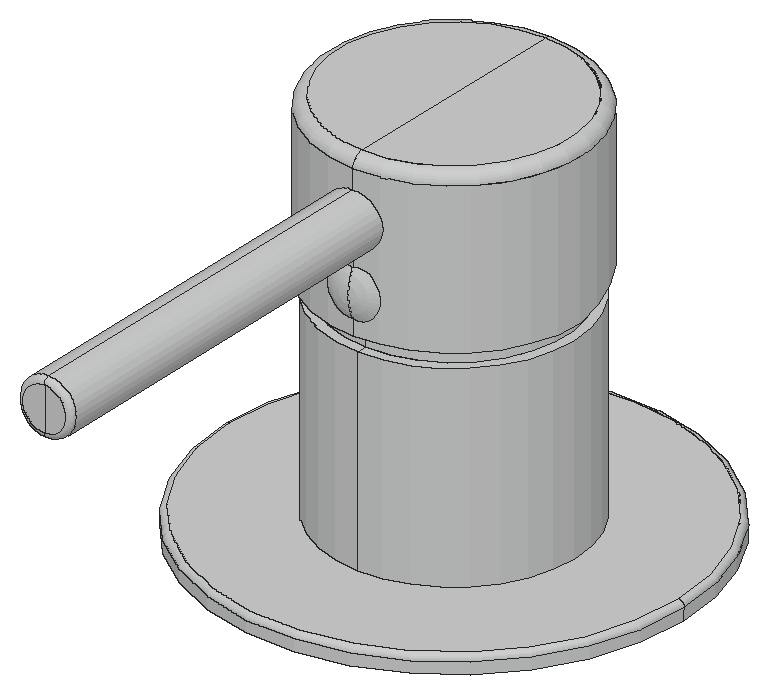
Revit family "MixerTap_BathShower_Abey_LuciaBuilders_FaceBased", category Plumbing Fixtures, host Face, Revit 2022
Family settings
  Host = Face
  Round Connector Dimension = Use Diameter
  Part Type = Normal
  OmniClass Number = 23.31.11.19
  OmniClass Title = Faucet Mixing Valves
  Cut with Voids When Loaded = Yes
  Maintain Annotation Orientation = No
  Shared = No
  Room Calculation Point = No
Parameters (values of type "Chrome (4SH-EXT-LF)")
  Waste Connection = no
  Vent Connection = no
  Uniclass2015Version = "Products v1.38"
  Uniclass2015Title = "Mixer taps"
  Uniclass2015Code = "Pr_40_20_87_55"
  URL = "https://www.abey.com.au/"
  Type Comments = "Mixer Tap - Bath Shower - Chrome"
  ModifiedIssue = 20251103
  Model = "4SH-EXT-LF"
  Material = Metal_Abey_Chrome
  ManufacturerURLProductSpecific = "https://www.abeyspecifier.com.au/product/lucia-builders-bath-shower-mixer-external-only/"
  ManufacturerSpecCode = Model  # "4SH-EXT-LF"
  ManufacturerOverallWidth = 80 mm  # constant formula
  ManufacturerOverallHeight = 129 mm  # constant formula
  ManufacturerOverallDepth = 68 mm  # constant formula
  Manufacturer = "Abey"
  Keynote = ""
  IfcExportType = "FAUCET"
  IfcExportAs = "IfcValve"
  HW Connection = yes
  Description = "Lucia Builders Bath/Shower Mixer Chrome"
  Default Elevation = 1050 mm
  CreatedByURL = "https://igsgroup.com.au"
  CreatedBy = "IGS BIM Solutions"  # constant formula
  Cost = 0
  CW Connection = yes
  Assembly Code = "C1030210"
Types (3, lengths in mm): name | Type Comments | Model | Material | ManufacturerURLProductSpecific | ManufacturerSpecCode | Description
  Chrome (4SH-EXT-LF) | "Mixer Tap - Bath Shower - Chrome" | "4SH-EXT-LF" | Metal_Abey_Chrome | "https://www.abeyspecifier.com.au/product/lucia-builders-bath-shower-mixer-external-only/" | "4SH-EXT-LF" | "Lucia Builders Bath/Shower Mixer Chrome"
  Brushed Nickel (4SH-EXT-BN-LF) | "Mixer Tap - Bath Shower - Brushed Nickel" | "4SH-EXT-BN-LF" | Metal_Abey_BrushedNickel | "https://www.abeyspecifier.com.au/product/lucia-builders-bath-shower-mixer-external-only-3/" | "4SH-EXT-BN-LF" | "Lucia Builders Bath/Shower Mixer Brushed Nickel"
  Black (4SH-EXT-B-LF) | "Mixer Tap - Bath Shower - Black" | "4SH-EXT-B-LF" | Metal_Abey_Black | "https://www.abeyspecifier.com.au/product/lucia-builders-bath-shower-mixer-external-only-2/" | "4SH-EXT-B-LF" | "Lucia Builders Bath/Shower Mixer Black"
Reference planes
  plane 1 "Top": y = 31.5
  plane 2 "WallFace": z = 0
  plane 3 "Center (Left/Right)": x = -97.18
  plane 4 "Bottom": y = -97.5
  plane 5 "Left": x = -137.18
  plane 6 "Right": x = -57.18
  plane 7 "Back": z = 0
  plane 8 "Front": z = 68
  plane 9 "MountingHeight": y = -8.5
Forms (mm)
  Extrusion 1, void
    sketch origin (0, 0, 0) x (1, 0, 0) y (0, 1, 0)
      loop
        circle (-97.18, -8.5) r 15
    from 0 to -30
Text (mm)
  text "Disclaimer:\nDue to ongoing product development and manufacturing evolution, product details are subject to change without notice. Please refer to product technical data sheets on the manufacturers website for the most current product information. Please allow a +/- 5mm manufacturing tolerance for dimensions and set-outs shown in product literature." at (431.593, 11.453, 0), in view "Ref. Level"
Dimensions and locks
  equal spacing: plane 5 "Left", plane 3 "Center (Left/Right)", plane 6 "Right"
  "ManufacturerOverallWidth": plane 5 "Left" to plane 6 "Right"
  "ManufacturerOverallHeight": plane 4 "Bottom" to plane 1 "Top"
  "ManufacturerOverallDepth": plane 8 "Front" to plane 7 "Back"
  locked: plane 9 "MountingHeight" to plane 1 "Top" at 40
  aligned and locked: plane 2 "WallFace" to host face
  aligned and locked: level to host face
  aligned and locked: plane 7 "Back" to plane 2 "WallFace"
  aligned and locked: plane 7 "Back" to nested 1
  aligned and locked: plane 3 "Center (Left/Right)" to nested 1
  aligned and locked: nested 1 to plane 9 "MountingHeight"
Automatic sketch dimensions
  host sketch curve to host sketch curve = 329.098 mm
  host sketch curve to host sketch curve = 282.2 mm
  Extrusion 1 sketch curve to plane 9 "MountingHeight" = 0 mm
  Extrusion 1 sketch curve to plane 5 "Left" = 40 mm
  radius of Extrusion 1 sketch curve = 15 mm
Nested families
  nested 1: "z_MixerTap_BathShower_Abey_LuciaBuilders" at (-42.174, -8.5, 305) x (1, 0, 0) z (0, 1, 0), type "Type 1"
Connectors
  piping at (-104.53, -8.5, -1), diameter 12.7, driven by "HW Connection"
    settings: on nested 1, index 1, connector inside diameter 24", connector length 0 mm, flow factor 0, pipe flow 0.00 L/s, pressure drop 0 kPa, fitting loss kfactor 0, connector angle 0.00°, fixture units 0, engagement length 0 mm, angle of deflection 0.00°, flow configuration 2, flow direction 1, fitting loss method 0, system type 19, joint type 0, gender type 0, connector reference index -1, connector utility 1, adjustable connector no, is connector primary yes, connector description "Hot Water Supply"
  piping at (-89.83, -8.5, -1), diameter 12.7, driven by "CW Connection"
    settings: on nested 1, index 2, connector inside diameter 24", connector length 0 mm, flow factor 0, pipe flow 0.00 L/s, pressure drop 0 kPa, fitting loss kfactor 0, connector angle 0.00°, fixture units 0, engagement length 0 mm, angle of deflection 0.00°, flow configuration 2, flow direction 1, fitting loss method 0, system type 20, joint type 0, gender type 0, connector reference index -1, connector utility 1, adjustable connector no, is connector primary no, connector description "Cold Water Supply"
Definition of nested family "z_MixerTap_BathShower_Abey_LuciaBuilders"
  Parameters (values of type "Type 1")
    Waste Connection = no
    Vent Connection = no
    URL = "https://www.abey.com.au/"
    Type Comments = ""
    Model = ""
    ManufacturerOverallWidth = 80 mm  # constant formula
    ManufacturerOverallHeight = 129 mm  # constant formula
    ManufacturerOverallDepth = 68 mm  # constant formula
    Manufacturer = "Abey"
    HW Connection = yes
    Description = ""
    Default Elevation = 0 mm
    CreatedByURL = "https://igsgroup.com.au"
    CreatedBy = "IGS BIM Solutions"  # constant formula
    CW Connection = yes
    Material = none
    Assembly Code = ""
  Reference planes
    plane 1 "Ref. Level": z = 0
    plane 2 "Left": x = -95.006
    plane 3 "Back": y = 305
    plane 4 "Front": y = 237
    plane 5 "Right": x = -15.006
    plane 6 "Top": z = 40
    plane 7 "MountingHeight": z = 0
    plane 8 "Center (Left/Right)": x = -55.006
    plane 9 "Bottom": z = -89
  Forms (mm)
    Extrusion 1, solid, material <- "Material"
      sketch origin (-35.006, 305, 1015.5) x (-1, 0, 0) y (0, 0, 1)
        loop
          circle (12.65, -1015.5) r 6.35
        loop
          circle (27.35, -1015.5) r 6.35
      from 0 to 1
    Extrusion 2, solid, material <- "Material"
      sketch origin (44.994, 295, 1050) x (0, 0, 1) y (1, 0, 0)
        loop
          circle (-1050, -100) r 30
      from 7 to 10
    Revolve 3, solid, material <- "Material"
      sketch origin (-55.006, 0, 0) x (0, 1, 0) y (0, 0, 1)
        loop
          line (302, 0) -> (302, 21) -> (268, 21) -> (268, 19.25)
          arc (268, 19.25) -> (263.795, 18.716) -> (260, 16.829) r 12.712
          line (260, 16.829) -> (260, 0) -> (268, 0) -> (302, 0)
        axis (260, 0) -> (302, 0)
      angle from 0 to 360
    Revolve 4, solid, material <- "Material"
      sketch origin (-55.006, 0, 0) x (0, 1, 0) y (0, 0, 1)
        loop
          line (265, 0) -> (265, 22) -> (239, 22)
          arc (239, 22) -> (237.586, 21.414) -> (237, 20) r 2
          line (237, 20) -> (237, 0) -> (265, 0)
        axis (237, 0) -> (265, 0)
      angle from 0 to 360
    Revolve 5, solid, material <- "Material"
      sketch origin (-55.006, 0, 0) x (0, 1, 0) y (0, 0, 1)
        loop
          line (247, -89) -> (247, -13.546) -> (242.25, -13.546) -> (242.25, -88)
          arc (242.25, -88) -> (242.543, -88.707) -> (243.25, -89) r 1
          line (243.25, -89) -> (247, -89)
        axis (247, -89) -> (247, -13.546)
      angle from 0 to 360
    Extrusion 6, void
      sketch origin (-55.006, 1216.962, 4153.735) x (0, 1, 0) y (0, 0, 1)
        loop
          line (-951.962, -4153.735) -> (-951.962, -4130.056) -> (-956.673, -4130.056) -> (-951.962, -4153.735)
      from -30 to 30
    Revolve 7, solid, material <- "Material"
      sketch origin (-55.006, 0, 0) x (0, 1, 0) y (0, 0, 1)
        loop
          line (260.75, -21.768) -> (260.75, -16.768) -> (258.25, -16.768) -> (258.25, -21.768) -> (258.25, -23.056)
          arc (258.25, -23.056) -> (260.59, -22.728) -> (262.75, -21.768) r 8.507
          line (262.75, -21.768) -> (260.75, -21.768)
        axis (258.25, -23.056) -> (258.25, -16.768)
      angle from 0 to 360
    Sweep 8, solid, material <- "Material"
      path origin (-200, 305, 170) x (1, 0, 0) y (0, 0, 1)
        loop
          circle (144.994, -170) r 40
      profile origin (-55.006, 305, 40) x (0, 0, -1) y (0, -1, 0)
        loop
          line (0, 0) -> (10, 0) -> (10, 3) -> (1, 3)
          arc (1, 3) -> (0.293, 2.707) -> (0, 2) r 1
          line (0, 2) -> (0, 0)
  Cuts and joins
    Extrusion 6 cuts Revolve 4
    joined: Extrusion 2, Revolve 3, Revolve 4, Revolve 5, Sweep 8
  Lines and regions (mm)
    Masking region 1
      outline origin (0, 0, 40) x (0, -1, 0) y (1, 0, 0)
        loop
          line (-305, -95.006) -> (-303, -95.006)
          arc (-303, -95.006) -> (-302.293, -94.713) -> (-302, -94.006) r 1
          line (-302, -94.006) -> (-302, -76.006) -> (-268, -76.006) -> (-268, -74.256)
          arc (-268, -74.256) -> (-266.493, -74.243) -> (-265, -74.033) r 11.504
          line (-265, -74.033) -> (-265, -77.006) -> (-239, -77.006)
          arc (-239, -77.006) -> (-237.586, -76.42) -> (-237, -75.006) r 2
          line (-237, -75.006) -> (-237, -35.006)
          arc (-237, -35.006) -> (-237.586, -33.592) -> (-239, -33.006) r 2
          line (-239, -33.006) -> (-265, -33.006) -> (-265, -35.98)
          arc (-265, -35.98) -> (-266.493, -35.769) -> (-268, -35.756) r 11.504
          line (-268, -35.756) -> (-268, -34.006) -> (-302, -34.006) -> (-302, -16.006)
          arc (-302, -16.006) -> (-302.293, -15.299) -> (-303, -15.006) r 1
          line (-303, -15.006) -> (-305, -15.006) -> (-305, -95.006)
    symbolic lines, detail levels medium+fine
      curve 1: line (-76.006, 302, 40) -> (-34.006, 302, 40)
      curve 2: line (-74.256, 268, 40) -> (-35.756, 268, 40)
      curve 3: spline (-74.033, 265, 40) -> (-73.772, 264.531, 40) -> (-73.207, 264.073, 40) -> (-72.348, 263.632, 40) -> (-71.208, 263.217, 40) -> (-69.806, 262.833, 40) -> (-68.165, 262.487, 40) -> (-66.311, 262.185, 40) -> (-64.276, 261.931, 40) -> (-62.091, 261.73, 40) -> (-59.792, 261.585, 40) -> (-57.418, 261.498, 40) -> (-55.006, 261.471, 40)
      curve 4: spline (-55.006, 261.471, 40) -> (-52.594, 261.498, 40) -> (-50.22, 261.585, 40) -> (-47.922, 261.73, 40) -> (-45.737, 261.931, 40) -> (-43.701, 262.185, 40) -> (-41.848, 262.487, 40) -> (-40.207, 262.833, 40) -> (-38.805, 263.217, 40) -> (-37.665, 263.632, 40) -> (-36.806, 264.073, 40) -> (-36.241, 264.531, 40) -> (-35.98, 265, 40)
      curve 5: spline (-33.029, 265, 40) -> (-33.189, 264.434, 40) -> (-33.725, 263.877, 40) -> (-34.63, 263.338, 40) -> (-35.887, 262.826, 40) -> (-37.476, 262.352, 40) -> (-39.368, 261.921, 40) -> (-41.532, 261.543, 40) -> (-43.931, 261.223, 40) -> (-46.523, 260.967, 40) -> (-49.265, 260.779, 40) -> (-52.109, 260.662, 40) -> (-55.006, 260.619, 40)
      curve 6: spline (-55.006, 260.619, 40) -> (-57.904, 260.662, 40) -> (-60.748, 260.779, 40) -> (-63.489, 260.967, 40) -> (-66.081, 261.223, 40) -> (-68.48, 261.543, 40) -> (-70.644, 261.921, 40) -> (-72.537, 262.352, 40) -> (-74.125, 262.826, 40) -> (-75.383, 263.338, 40) -> (-76.287, 263.877, 40) -> (-76.824, 264.434, 40) -> (-76.983, 265, 40)
  Dimensions and locks
    "ManufacturerOverallDepth": plane 3 "Back" to plane 4 "Front"
    "ManufacturerOverallWidth": plane 2 "Left" to plane 5 "Right"
    locked: plane 6 "Top" to plane 7 "MountingHeight" at 40
    equal spacing: plane 2 "Left", plane 8 "Center (Left/Right)", plane 5 "Right"
    "ManufacturerOverallHeight": plane 6 "Top" to plane 9 "Bottom"
    aligned and locked: level to plane 1 "Ref. Level"
  Automatic sketch dimensions
    Extrusion 1 sketch curve to level = 0 mm  (x2)
    Revolve 3 sketch curve to level = 0 mm  (x2)
    plane 3 "Back" to Revolve 3 sketch curve = 45 mm
    Revolve 3 sketch curve to Revolve 3 sketch curve = 7.477 mm
    Revolve 3 sketch curve to Revolve 3 sketch curve = 8 mm
    Revolve 3 sketch curve to Revolve 3 sketch curve = 0.523 mm
    plane 3 "Back" to Revolve 3 sketch curve = 3 mm
    level to Revolve 3 sketch curve = 6.549 mm
    Revolve 3 sketch curve to Revolve 3 sketch curve = 10.28 mm
    Revolve 3 sketch curve to Revolve 3 sketch curve = 1.75 mm
    Revolve 3 sketch curve to Revolve 3 sketch curve = 0 mm
    Revolve 3 sketch curve to Revolve 3 sketch curve = 7.352 mm
    Revolve 4 sketch curve to level = 0 mm  (x2)
    plane 3 "Back" to Revolve 4 sketch curve = 68 mm
    Revolve 4 sketch curve to Revolve 4 sketch curve = 2 mm
    plane 6 "Top" to Revolve 4 sketch curve = 18 mm
    Revolve 4 sketch curve to Revolve 4 sketch curve = 26 mm
    Revolve 4 sketch curve to Revolve 4 sketch curve = 0 mm
    Revolve 4 sketch curve to Revolve 4 sketch curve = 8.533 mm
    Revolve 5 sketch curve to level = 13.546 mm
    plane 3 "Back" to Revolve 5 sketch curve = 62.75 mm
    Revolve 5 sketch curve to Revolve 5 sketch curve = 1 mm
    Revolve 5 sketch curve to Revolve 5 sketch curve = 4.75 mm
    Revolve 5 sketch curve to Revolve 5 sketch curve = 0 mm
    Revolve 7 sketch curve to level = 14.55 mm
    plane 3 "Back" to Revolve 7 sketch curve = 46.75 mm
    Revolve 7 sketch curve to Revolve 7 sketch curve = 2.5 mm
    Revolve 7 sketch curve to Revolve 7 sketch curve = 2 mm
    Revolve 7 sketch curve to Revolve 7 sketch curve = 2.219 mm
    Revolve 7 sketch curve to Revolve 7 sketch curve = 5 mm
    Revolve 7 sketch curve to Revolve 7 sketch curve = 1.288 mm
    Revolve 7 sketch curve to Revolve 7 sketch curve = 0 mm  (x3)
    Revolve 5 sketch curve to Revolve 5 sketch curve = 74.454 mm
    Revolve 5 sketch curve to Revolve 5 sketch curve = 10.297 mm
    Revolve 5 sketch curve to Revolve 5 sketch curve = 8 mm
    plane 2 "Left" to Extrusion 1 sketch curve = 47.35 mm
    Extrusion 1 sketch curve to Extrusion 1 sketch curve = 14.7 mm
    Sweep 8 sketch curve to level = 0 mm
    Sweep 8 sketch curve to plane 8 "Center (Left/Right)" = 0 mm
    Sweep 8 sketch curve to plane 3 "Back" = 0 mm
    Sweep 8 sketch curve to profile plane = 0 mm
    Sweep 8 sketch curve to profile plane = 1 mm
    plane 3 "Back" to Sweep 8 sketch curve = 3 mm
    Sweep 8 sketch curve to Sweep 8 sketch curve = 9 mm
    Extrusion 6 sketch curve to level = 0 mm
    plane 4 "Front" to Extrusion 6 sketch curve = 23.289 mm
    Extrusion 6 sketch curve to Extrusion 6 sketch curve = 4.711 mm
    plane 6 "Top" to Extrusion 6 sketch curve = 16.321 mm
    Extrusion 2 sketch curve to Extrusion 2 sketch curve = 0 mm  (x2)
    Extrusion 2 sketch curve to level = 0 mm
    Extrusion 2 sketch curve to plane 8 "Center (Left/Right)" = 0 mm
    plane 2 "Left" to Extrusion 2 sketch curve = 10 mm
    plane 3 "Back" to curve 1 = 3 mm
    plane 2 "Left" to curve 1 = 19 mm
    plane 4 "Front" to curve 2 = 31 mm
    curve 2 to plane 8 "Center (Left/Right)" = 19.25 mm
    plane 8 "Center (Left/Right)" to curve 2 = 19.25 mm
    plane 5 "Right" to curve 1 = 19 mm
    curve 3 to plane 8 "Center (Left/Right)" = 0.116 mm
    curve 2 to curve 3 = 2.836 mm
    curve 3 to curve 4 = 0 mm
    curve 2 to curve 3 = 3 mm
    curve 4 to curve 4 = 0.164 mm
    plane 8 "Center (Left/Right)" to curve 4 = 0 mm
    curve 4 to curve 4 = 3.693 mm
    curve 2 to curve 3 = 0.223 mm
    plane 8 "Center (Left/Right)" to curve 4 = 0.116 mm
    curve 3 to curve 4 = 0.213 mm
    curve 4 to curve 5 = 0.164 mm
    curve 6 to curve 3 = 0 mm
    curve 5 to curve 5 = 0.046 mm
    curve 4 to curve 6 = 0.21 mm
    plane 8 "Center (Left/Right)" to curve 5 = 0 mm
    curve 3 to curve 5 = 0.852 mm
    curve 6 to curve 3 = 2.95 mm
    curve 6 to curve 6 = 0.001 mm
    curve 5 to plane 8 "Center (Left/Right)" = 0.241 mm
    curve 4 to curve 5 = 2.932 mm
    plane 3 "Back" to Masking region 1 sketch curve = 0 mm
    Masking region 1 sketch curve to plane 2 "Left" = 0 mm
    Masking region 1 sketch curve to plane 5 "Right" = 0 mm
    Masking region 1 sketch curve to plane 4 "Front" = 0 mm
    Masking region 1 sketch curve to Masking region 1 sketch curve = 2 mm
    plane 5 "Right" to Masking region 1 sketch curve = 1 mm
    plane 3 "Back" to Masking region 1 sketch curve = 2 mm
    plane 2 "Left" to Masking region 1 sketch curve = 1 mm
    plane 4 "Front" to Masking region 1 sketch curve = 31 mm  (x2)
    Masking region 1 sketch curve to Masking region 1 sketch curve = 0.653 mm  (x2)
    Masking region 1 sketch curve to Masking region 1 sketch curve = 3 mm  (x2)
    plane 4 "Front" to Masking region 1 sketch curve = 2 mm  (x2)
    plane 2 "Left" to Masking region 1 sketch curve = 18 mm
    Masking region 1 sketch curve to Masking region 1 sketch curve = 1 mm
    Masking region 1 sketch curve to Masking region 1 sketch curve = 1.75 mm
    Masking region 1 sketch curve to Masking region 1 sketch curve = 2.973 mm
    plane 8 "Center (Left/Right)" to Masking region 1 sketch curve = 7.764 mm
    Masking region 1 sketch curve to Masking region 1 sketch curve = 11.262 mm
    plane 5 "Right" to Masking region 1 sketch curve = 20 mm
    Masking region 1 sketch curve to Masking region 1 sketch curve = 18 mm
    radius of Extrusion 1 sketch curve = 6.35 mm  (x2)
    radius of Sweep 8 sketch curve = 40 mm
